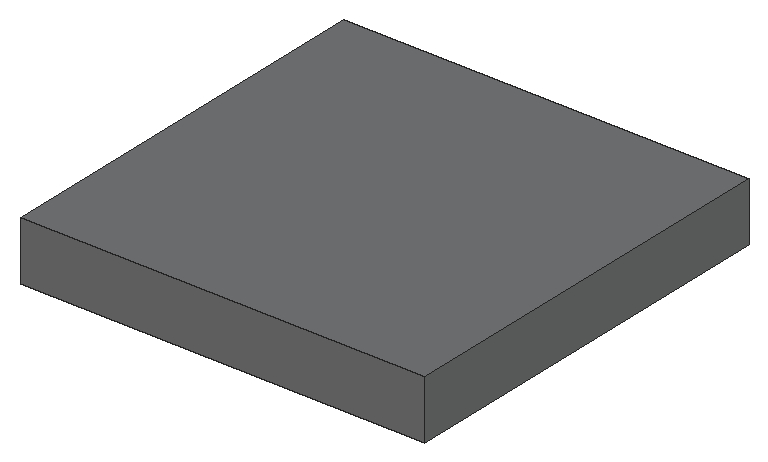
Revit family "Gira_086926", category Electrical Fixtures, host Face, Revit 2017
Family settings
  Host = Face
  Maintain Annotation Orientation = No
  Round Connector Dimension = Use Diameter
  Part Type = Normal
  Cut with Voids When Loaded = No
  Shared = No
  Room Calculation Point = No
Parameters (values of type "Abd. Koaxial-Antennensteckd. System 55 F Alu")
  Zusammenstellung = "Zentralplatte"
  Werkstoffgüte = "sonstige"
  Werkstoff = "Kunststoff"
  URL = "http://katalog.gira.de/de_DE/datenblatt.html?artikelnr=086926"
  Transparent = "No"
  Tragring = "No"
  Region = "DE"
  Oberfläche = "sonstige"
  Name = "Abd. Koaxial-Antennensteckd. System 55 F Alu"
  Montageart = "unter Putz"
  Mit Zugentlastung = "No"
  Mit Staubschutz = "No"
  Mit Klappdeckel = "No"
  Mit Aufdruck = "No"
  Manufacturer URL = "https://www.gira.de/"
  Lüsterklemme = "No"
  Keynote = "Sys55_Abdeckung_Schalten und Tasten"
  HeinzeBIM = "https://bimportal.heinze.de/bim/abd-koaxial-antennensteckd-system-55-f-alu/3416dc6559f3bcdb36e47b3801f16c39a5d44fc9"
  Halogenfrei = "Yes"
  HAN = "086926"
  Geeignet für Schutzart (IP) = "IP20"
  GTIN = "4010337869269"
  Farbe = "aluminium"
  Default Elevation = 1219.2 mm
  Data sheet (1) = "https://katalog.gira.de/de_DE/download.html?artikelnr=086926"
  Category = "Einsatz/Abdeckung für Kommunikationstechnik"
  Beschriftungsfeld = "ohne Beschriftungsfeld"
  Befestigungsart = "Befestigung mit Schraube"
  Available = "Yes"
  Ausführung der Oberfläche = "nicht zutreffend"
  Anthrazit [instance] = Anthrazit
Reference planes
  plane 1 "Center (Front/Back)": y = 0
  plane 2: z = 0
  plane 3 "Center (Left/Right)": x = 0
Forms (mm)
  Extrusion 1, solid, material "Anthrazit" <- "Anthrazit", detail levels fine
    sketch origin (0, 0, 0) x (1, 0, 0) y (0, 1, 0)
      loop
        line (-27.5, 27.5) -> (-27.5, -27.5) -> (27.5, -27.5) -> (27.5, 27.5) -> (-27.5, 27.5)
    from 0 to 8
  Extrusion 2, void
    sketch origin (0, 0, 0) x (1, 0, 0) y (0, 1, 0)
      loop
        line (26, 26) -> (-26, 26) -> (-26, -26) -> (26, -26) -> (26, 26)
    from 0 to 6
  Extrusion 3, solid, material "Anthrazit" <- "Anthrazit", detail levels medium
    sketch origin (0, 0, 0) x (1, 0, 0) y (0, 1, 0)
      loop
        line (-27.5, 27.5) -> (-27.5, -27.5) -> (27.5, -27.5) -> (27.5, 27.5) -> (-27.5, 27.5)
    from 0 to 8
  Extrusion 4, solid, material "Anthrazit" <- "Anthrazit", detail levels medium
    sketch origin (0, 0, 0) x (1, 0, 0) y (0, 1, 0)
      loop
        line (11, -17.5) -> (11, 17.5) -> (-11, 17.5) -> (-11, -17.5) -> (11, -17.5)
    from -6 to 6
  Extrusion 5, solid, material "Anthrazit" <- "Anthrazit", detail levels fine
    sketch origin (0, 0, 0) x (1, 0, 0) y (0, 1, 0)
      loop
        line (11, 17.5) -> (-11, 17.5) -> (-11, 16.5) -> (11, 16.5) -> (11, 17.5)
      loop
        line (-11, -16.5) -> (-11, -17.5) -> (11, -17.5) -> (11, -16.5) -> (-11, -16.5)
    from -4 to 6
  Extrusion 6, solid, material "Anthrazit" <- "Anthrazit", detail levels fine
    sketch origin (0, 0, 0) x (1, 0, 0) y (0, 1, 0)
      loop
        arc (5, 9.347) -> (0, 10.6) -> (-5, 9.347) r 10.6
        line (-5, 9.347) -> (-5, -9.347)
        arc (-5, -9.347) -> (0, -10.6) -> (5, -9.347) r 10.6
        line (5, -9.347) -> (5, 9.347)
    from -6 to 6
  Extrusion 7, solid, material "Anthrazit" <- "Anthrazit", detail levels coarse
    sketch origin (0, 0, 0) x (1, 0, 0) y (0, 1, 0)
      loop
        line (-27.5, 27.5) -> (-27.5, -27.5) -> (27.5, -27.5) -> (27.5, 27.5) -> (-27.5, 27.5)
    from -6 to 8
Cuts and joins
  Extrusion 2 cuts Extrusion 1
Dimensions and locks
  aligned and locked: plane 2 to host face
  aligned and locked: level to host face
